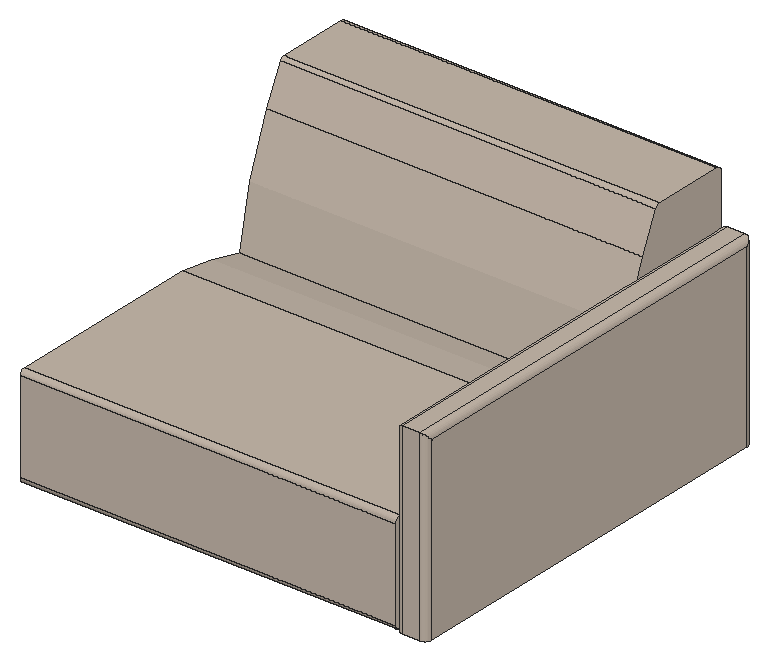
Revit family "FU_Modular_Sandler_Escala_ESC0267TA", category Furniture, Revit 2020
Family settings
  OmniClass Number = 23.40.20.00
  OmniClass Title = General Furniture and Specialties
  Work Plane-Based = No
  Always vertical = Yes
  Cut with Voids When Loaded = No
  Shared = No
  Room Calculation Point = No
Parameters (values of type "Escalas 0267TA")
  Width = 800 mm  # constant formula
  Upholstery [instance] = Fabric - Gravity - Wheat CPC21
  URL = "https://www.sandlerseating.com/product/esc0267ta/"
  Seat Height = 420 mm  # constant formula
  Seat Elevation = 220 mm  # constant formula
  Model = "Escalas 0267TA"
  Manufacturer = "Sandler"
  Height = 690 mm  # constant formula
  Description = "Upholstered 80cm left seat with backrest and arm."
  Depth = 800 mm  # constant formula
  Default Elevation = 0 mm
Reference planes
  plane 1 "Center (Front/Back)": y = 0
  plane 2: z = 0
  plane 3 "Center (Left/Right)": x = 0
  plane 4 "Right": x = -400
  plane 5 "Left": x = 400
  plane 6 "Front": y = -400
  plane 7 "Back": y = 400
  plane 8 "Elevation": z = 220
  plane 9 "Height": z = 690
  plane 10 "Seat height": z = 420
  plane 11: x = -340
  plane 12: x = 340
  plane 13 "Arm Height": z = 586
Forms (mm)
  Sweep 1, solid, material "Fabric - Gravity - Wheat CPC21" <- "Upholstery"
    path origin (0, 0, 220) x (-1, 0, 0) y (0, -1, 0)
      loop
        line (400, -400) -> (-340, -400)
    profile "Pro_Escalas_Seat_Shape : Pro_Escalas_Seat_Shape" origin (-30, 400, 220) x (0, 1, 0) y (0, 0, 1)
      loop
        line (-790, 0) -> (-10, 0)
        arc (-10, 0) -> (-2.929, 2.929) -> (0, 10) r 10
        line (0, 10) -> (0, 460)
        arc (0, 460) -> (-2.929, 467.071) -> (-10, 470) r 10
        line (-10, 470) -> (-150.689, 470)
        arc (-150.689, 470) -> (-156.062, 468.434) -> (-159.752, 464.226) r 10
        line (-159.752, 464.226) -> (-192.518, 393.96)
        arc (-192.518, 393.96) -> (-234.317, 284.408) -> (-260, 170) r 816.842
        arc (-260, 170) -> (-329.19, 188.78) -> (-400, 200) r 664.836
        line (-400, 200) -> (-790, 200)
        arc (-790, 200) -> (-797.071, 197.071) -> (-800, 190) r 10
        line (-800, 190) -> (-800, 10)
        arc (-800, 10) -> (-797.071, 2.929) -> (-790, 0) r 10
  Extrusion 2, void
    sketch origin (0, 0, 0) x (0, 1, 0) y (0, 0, 1)
      loop
        line (-370, 220) -> (370, 220) -> (370, 261) -> (-370, 261) -> (-370, 220)
    from -445.532 to 340
  Extrusion 3, solid, material "Fabric - Gravity - Wheat CPC21" <- "Upholstery"
    sketch origin (-400, 0, 0) x (0, 1, 0) y (0, 0, 1)
      loop
        line (-380, 220) -> (380, 220) -> (380, 566) -> (-380, 566) -> (-380, 220)
    from 740 to 800
  Sweep 4, solid, material "Fabric - Gravity - Wheat CPC21" <- "Upholstery"
    path in 3D
      loop
        line (400, 380, 220) -> (400, 380, 566) -> (400, -380, 566) -> (400, -380, 220)
    profile "pro_Escalas_Arm edge : pro_Escalas_Arm edge" origin (400, 380, 393) x (0, -1, 0) y (1, 0, 0)
      loop
        line (0, 0) -> (-7.5, 0)
        arc (-7.5, 0) -> (-16.339, -3.661) -> (-20, -12.5) r 12.5
        line (-20, -12.5) -> (-20, -47.5)
        arc (-20, -47.5) -> (-16.339, -56.339) -> (-7.5, -60) r 12.5
        line (-7.5, -60) -> (0, -60) -> (0, 0)
Cuts and joins
  Extrusion 2 cuts Sweep 1
  joined: Extrusion 3, Sweep 4
Lines and regions (mm)
  sketch lines
    curve 1: line (400, 380, 220) -> (400, 380, 566)
    curve 2: line (400, 380, 566) -> (400, -380, 566)
    curve 3: line (400, -380, 566) -> (400, -380, 220)
Dimensions and locks
  equal spacing: plane 4 "Right", plane 3 "Center (Left/Right)", plane 5 "Left"
  "Width": plane 4 "Right" to plane 5 "Left"
  equal spacing: plane 7 "Back", plane 1 "Center (Front/Back)", plane 6 "Front"
  "Depth": plane 7 "Back" to plane 6 "Front"
  "Height": plane 9 "Height" to level
  "Seat Height": plane 10 "Seat height" to level
  "Seat Elevation": plane 8 "Elevation" to level
  equal spacing: plane 11, plane 3 "Center (Left/Right)", plane 12
  plane 11 to plane 12 = 680 mm
  plane 13 "Arm Height" to plane 8 "Elevation" = 366 mm
  aligned and locked: level to plane 2
Automatic sketch dimensions
  Extrusion 2 sketch curve to plane 8 "Elevation" = 0 mm
  plane 6 "Front" to Extrusion 2 sketch curve = 30 mm
  Extrusion 2 sketch curve to plane 7 "Back" = 30 mm
  plane 8 "Elevation" to Extrusion 2 sketch curve = 41 mm
  plane 6 "Front" to Extrusion 3 sketch curve = 20 mm
  Extrusion 3 sketch curve to plane 7 "Back" = 20 mm
  Extrusion 3 sketch curve to plane 8 "Elevation" = 0 mm
  Extrusion 3 sketch curve to plane 13 "Arm Height" = 20 mm
  Sweep 1 sketch curve to plane 7 "Back" = 0 mm
  Sweep 1 sketch curve to plane 12 = 0 mm
  Sweep 1 sketch curve to plane 4 "Right" = 0 mm
